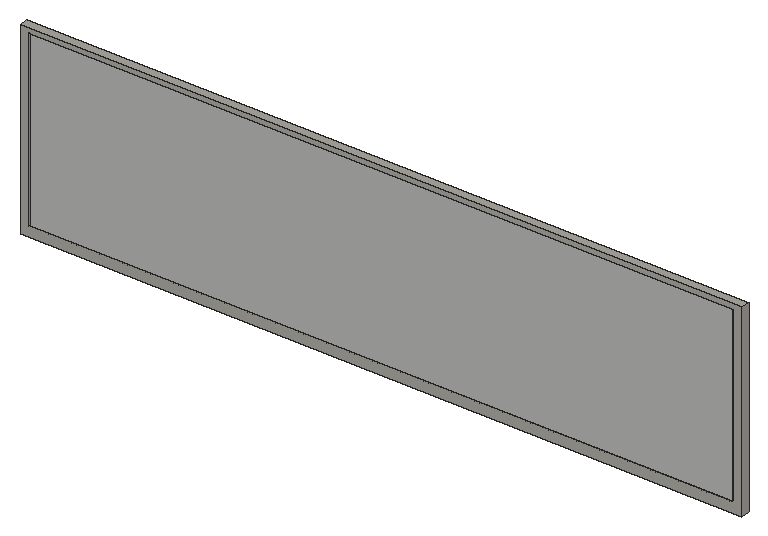
Revit family "Columns_&_Screens-Teknion-RCFBF_Central_Screen_for_Spine_Desk_Fabric-R2019", category Furniture, Revit 2019
Family settings
  OmniClass Number = 23.40.20.00
  OmniClass Title = General Furniture and Specialties
  Work Plane-Based = No
  Always vertical = Yes
  Cut with Voids When Loaded = No
  Shared = Yes
  Room Calculation Point = No
Parameters (values of type "Worksurface-Mounted, 51" High Datum Line With Desk-Mounted Option")
  Width [instance] = 84.000"
  Warranty = "http://www.teknion.com/ca/papers/legal-canada"
  Unit Weight URL = "http://www.teknion.com/ca/tools/assets#&asset=bee6a381-b954-425e-8283-5a2de3a804f2,f828d448-4b62-4231-9e5f-9a8991c0ed77"
  URL = "www.teknion.com"
  To render please download texture images found here [instance] = "https://assets.teknion.com/web/5e81352c1dfdb467/revit-material-swatches/"
  Sustainability Data = "https://www.teknion.com/ca/tools/assets#&topic=216f99a5-57a0-44fc-b10a-9dee9b29ae4c&asset=444deb64-fe58-4b68-981e-f75e97781df7,b4ff2d81-9f2e-437d-9659-7cffb09c31cf"
  Series = "Expansion Desking"  # constant formula
  Product Page URL = "https://www.teknion.com/ca/products/product-details?productLineId=2b4e336e-8e7a-673b-a6c8-ff00004460c4"
  Product Line = "Expansion Desking"  # constant formula
  Product Documentation Link = "https://www.teknion.com/pricing/expansion-desking/pdfs/RCFBF_ppg.pdf"
  Part Number = "RCFBF"  # constant formula
  Model = "RCFBFW22__"
  Manufacturer Phone = "416-661-3370"  # constant formula
  Manufacturer Fax = "416.661.4586"  # constant formula
  Manufacturer Contact Information = "http://www.teknion.com/ca/contactus"
  Manufacturer Address = "1150 Flint Road, Toronto, ON. M3J 2J5. Canada"  # constant formula
  Manufacturer = "Teknion"  # constant formula
  Infill Finish [instance] = Fabric - Teknion - F491 - Flexwool - Blur
  How To Use Teknion Materials User Guide [instance] = "https://assets.teknion.com/m/205dd0a49fa58060/original/How-to-add-a-Material-Library-and-Texture-Images-to-your-Revit-project.pdf"
  Height = 50.83071"
  Frame Finish [instance] = Paint - Teknion - Mica - Titanium Grey
  For Additional Finishes please visit [instance] = "https://assets.teknion.com/m/44a8009b046e5d47/original/Teknion_Materials_Library.zip"
  Description = "Central Screen for Spine Desk - Fabric, Worksurface-Mounted, 51\" High Datum Line with Desk-Mounted option"
  Connection Node Visibility [instance] = yes
  Bottom of Screen = 29.000"
  Available Widths [instance] = "21\", 24\", 27\", 30\", 33\", 36\", 39\", 42\", 45\", 48\", 51\", 54\", 57\", 60\", 63\", 66\", 69\", 72\", 75\", 78\", 81\", or 84\""  # constant formula
  Assembly Code = "E2020200"
Types (6): name | Model | Height | Description | Bottom of Screen
  (no name) | "RCFBFW22__" | 50.83071" | "Central Screen for Spine Desk - Fabric, Worksurface-Mounted, 51\" High Datum Line with Desk-Mounted option" | 29.000"
  Desk-Mounted, 51" High Datum Line With Desk-Mounted Option | "RCFBFD22__" | 50.83071" | "Central Screen for Spine Desk - Fabric, Desk-Mounted, 51\" High Datum Line with Desk-Mounted option" | 29.000"
  Worksurface-Mounted, 51" High Datum Line With Desk-Mounted Option | "RCFBFW22__" | 50.83071" | "Central Screen for Spine Desk - Fabric, Worksurface-Mounted, 51\" High Datum Line with Desk-Mounted option" | 29.000"
  Desk-Mounted, 42" High Datum Line With Desk-Mounted Option | "RCFBFD13__" | 42.000" | "Central Screen for Spine Desk - Fabric, Desk-Mounted, 42\" High Datum Line with Desk-Mounted option" | 29.000"
  Worksurface-Mounted, 42" High Datum Line With Desk-Mounted Option | "RCFBFW13__" | 42.000" | "Central Screen for Spine Desk - Fabric, Worksurface-Mounted, 42\" High Datum Line with Desk-Mounted option" | 29.000"
  Shelf-Mounted, 51" High Datum Line With Shelf-Mounted Option | "RCFBFS15__" | 50.831" | "Central Screen for Spine Desk - Fabric, Shelf-Mounted, 51\" High Datum Line with Shelf-Mounted option" | 36.287"
Reference planes (in)
  plane 1 "Center Front/Back": y = 0
  plane 2: z = 0
  plane 3 "Center Left/Right": x = 0
  plane 4 "Left": x = -42
  plane 5 "Right": x = 42
  plane 6 "Back": y = 0.50787
  plane 7 "Front": y = -0.50787
  plane 8 "Top": z = 50.83071
  plane 9 "Bottom of Screen": z = 29
Forms (in)
  Sweep 1, solid, material "Paint - Teknion - Mica - Titanium Grey" <- "Frame Finish"
    path origin (0, 0, 0) x (1, 0, 0) y (0, 1, 0)
      loop
        line (0, -0.50787) -> (0, 0.50787)
    profile origin (0, 0, 0) x (-1, 0, 0) y (0, 0, 1)
      loop
        line (42, 50.83071) -> (-42, 50.83071) -> (-42, 29) -> (42, 29) -> (42, 50.83071)
      loop
        line (40.98425, 50.33071) -> (-40.98425, 50.33071) -> (-40.98425, 30.18898) -> (40.98425, 30.18898) -> (40.98425, 50.33071)
  Sweep 2, solid, material "Fabric - Teknion - F491 - Flexwool - Blur" <- "Infill Finish"
    path origin (0, 0, 0) x (1, 0, 0) y (0, 1, 0)
      loop
        line (0, -0.43307) -> (0, 0.43307)
    profile origin (0, 0, 0) x (-1, 0, 0) y (0, 0, 1)
      loop
        line (40.98425, 50.33071) -> (-40.98425, 50.33071) -> (-40.98425, 30.18898) -> (40.98425, 30.18898) -> (40.98425, 50.33071)
Lines and regions (in)
  Masking region 1
    outline origin (0, 0, 0) x (1, 0, 0) y (0, 1, 0)
      loop
        line (-42, 0.50787) -> (-42, -0.50787) -> (42, -0.50787) -> (42, 0.50787) -> (-42, 0.50787)
  symbolic lines, style "FurnitureHiddenLines", detail levels medium+fine
    curve 1: line (-40.98425, -0.43307, 0) -> (-40.98425, 0.43307, 0)
    curve 2: line (40.98425, 0.43307, 0) -> (-40.98425, 0.43307, 0)
    curve 3: line (40.98425, -0.43307, 0) -> (-40.98425, -0.43307, 0)
    curve 4: line (40.98425, 0.43307, 0) -> (40.98425, -0.43307, 0)
  reference lines
    curve 5: line (42, 0.50787, 0) -> (42, -0.50787, 0)
    curve 6: line (-42, 0.50787, 0) -> (-42, -0.50787, 0)
Dimensions and locks (in)
  "Width": plane 4 "Left" to plane 5 "Right"
  locked: plane 6 "Back" to plane 7 "Front" at 1.01575
  "Height": plane 8 "Top" to level
  equal spacing: plane 4 "Left", plane 3 "Center Left/Right", plane 5 "Right"
  equal spacing: plane 6 "Back", plane 1 "Center Front/Back", plane 7 "Front"
  "Bottom of Screen": plane 9 "Bottom of Screen" to level
  Sweep 2 sketch curve to plane 1 "Center Front/Back" to Sweep 2 sketch curve = 0.43307" locked, 0.43307" locked
  locked: Sweep 2 sketch curve to plane 9 "Bottom of Screen" at 1.18898
  locked: Sweep 1 sketch curve to plane 4 "Left" at 1.01575
  locked: Sweep 1 sketch curve to plane 9 "Bottom of Screen" at 1.18898
  locked: plane 8 "Top" to Sweep 1 sketch curve at 0.5
  locked: Sweep 1 sketch curve to plane 5 "Right" at 1.01575
  locked: Sweep 2 sketch curve to plane 4 "Left" at 1.01575
  locked: Sweep 2 sketch curve to plane 5 "Right" at 1.01575
  locked: plane 8 "Top" to Sweep 2 sketch curve at 0.5
  aligned and locked: level to plane 2
  aligned and locked: plane 6 "Back" to Sweep 1 sketch curve
  aligned and locked: plane 7 "Front" to Sweep 1 sketch curve
  aligned and locked: Sweep 1 sketch curve to plane 3 "Center Left/Right"
  aligned and locked: plane 4 "Left" to Sweep 1 sketch curve
  aligned and locked: plane 5 "Right" to Sweep 1 sketch curve
  aligned and locked: Sweep 1 sketch curve to plane 9 "Bottom of Screen"
  aligned and locked: plane 3 "Center Left/Right" to Sweep 2 sketch curve
  aligned and locked: Masking region 1 sketch curve to plane 6 "Back"
  aligned and locked: Masking region 1 sketch curve to plane 4 "Left"
  aligned and locked: Masking region 1 sketch curve to plane 7 "Front"
  aligned and locked: Masking region 1 sketch curve to plane 5 "Right"
  aligned and locked: plane 8 "Top" to Sweep 1 sketch curve
  aligned and locked: Sweep 1 to curve 1
  aligned and locked: curve 2 to Sweep 2
  aligned and locked: curve 3 to Sweep 2
  aligned and locked: Sweep 1 to curve 4
  aligned and locked: nested 3 to plane 4 "Left"
  aligned and locked: nested 3 to plane 1 "Center Front/Back"
  aligned and locked: plane 1 "Center Front/Back" to nested 2
  aligned and locked: nested 2 to plane 3 "Center Left/Right"
  aligned and locked: plane 1 "Center Front/Back" to nested 1
  aligned and locked: nested 1 to plane 5 "Right"
  aligned and locked: curve 5 to plane 5 "Right"
  aligned and locked: curve 6 to plane 4 "Left"
Automatic sketch dimensions
  plane 7 "Front" to curve 5 = 0.000"
  curve 5 to plane 6 "Back" = 0.000"
  curve 6 to plane 7 "Front" = 0.000"
  curve 6 to plane 6 "Back" = 0.000"
Nested families (in)
  nested 1: "Teknion_2D_Node_Family-R2016" at (42, 0, 0), visible <- "Connection Node Visibility", type "Teknion_2D_Node_Family-R2016"
  nested 2: "Teknion_2D_Node_Family-R2016" at (0, 0, 0), visible <- "Connection Node Visibility", type "Teknion_2D_Node_Family-R2016"
  nested 3: "Teknion_2D_Node_Family-R2016" at (-42, 0, 0), visible <- "Connection Node Visibility", type "Teknion_2D_Node_Family-R2016"
Definition of nested family "Teknion_2D_Node_Family-R2016"
  Reference planes (in)
    plane 1 "Center (Front/Back)": y = 0
    plane 2: z = 0
    plane 3 "Center (Left/Right)": x = 0
  Lines and regions (in)
    detail lines, in view "Ref. Level"
      curve 1: circle (0, 0, 0) r 1.25 normal (0, 0, 1)
      curve 2: line (1.91508, -1.91508, 0) -> (-1.91508, 1.91508, 0)
      curve 3: line (-1.91508, -1.91508, 0) -> (1.91508, 1.91508, 0)
